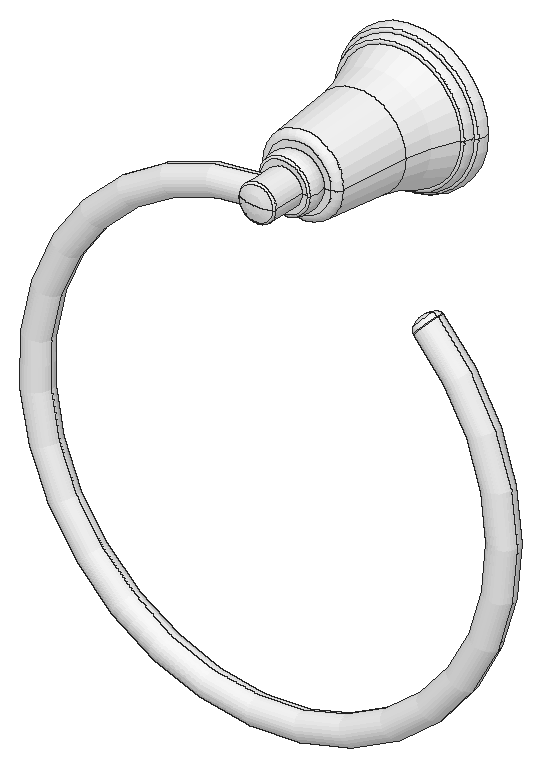
Revit family "Reece_Accessory_Posh_Canterbury_Towel Ring", category Plumbing Fixtures, Revit 2018
Family settings
  Round Connector Dimension = Use Diameter
  Part Type = Normal
  Work Plane-Based = Yes
  Always vertical = Yes
  Cut with Voids When Loaded = Yes
  Shared = Yes
  Room Calculation Point = Yes
Parameters (values of type "Chrome")
  URL = "https://www.reece.com.au/product/-9508448"
  Type Comments = "Accessory"
  Reece_Product_Web Page = "https://www.reece.com.au/product/-9508448"
  Reece_Product_Type = "Accessory"  # constant formula
  Reece_Product_Sub Brand = "Canterbury"  # constant formula
  Reece_Product_Number = "9508448"
  Reece_Product_Mount = "Wall Mounted"
  Reece_Product_Description = "Posh Canterbury Towel Ring Chrome"
  Reece_Product_Brand = "Posh"  # constant formula
  Reece_Overall_Width = 70 mm  # constant formula
  Reece_Overall_Length = 170 mm  # constant formula
  Reece_Overall_Height = 190 mm  # constant formula
  Reece_Material_Main = Reece_Brass_Chrome
  Reece_Height_From_Level [instance] = 500 mm
  Reece_Detail_Installation = "Wall Mounted"  # constant formula
  Reece_Detail_Disclaimer = "THIS FILE IS THE PROPERTY OF THE REECE GROUP. IT MAY NOT BE REPRODUCED, REVERSE-ENGINEERED OR MODIFIED. ANY REPUBLICATION, TRANSMISSION OR DISTRIBUTION FOR THE PURPOSE OF COMMERCIALLY EXPLOITING THE FILES IS PROHIBITED."  # constant formula
  Reece_Detail_Additional = "Towel Ring"  # constant formula
  Model = "Canterbury"
  Manufacturer = "Posh"
  Keynote = "Product #9508448, Reece_Accessory_Posh_Canterbury_Towel Ring - Chrome"
  Disclaimer = "THIS FILE IS THE PROPERTY OF THE REECE GROUP. IT MAY NOT BE REPRODUCED, REVERSE-ENGINEERED OR MODIFIED. ANY REPUBLICATION, TRANSMISSION OR DISTRIBUTION FOR THE PURPOSE OF COMMERCIALLY EXPLOITING THE FILES IS PROHIBITED."  # constant formula
  Description = "Posh Canterbury Towel Ring Chrome"
  Default Elevation = 0 mm
Types (3, lengths in mm): name | URL | Reece_Product_Web Page | Reece_Product_Number | Reece_Product_Description | Reece_Material_Main | Keynote | Description
  Chrome | "https://www.reece.com.au/product/-9508448" | "https://www.reece.com.au/product/-9508448" | "9508448" | "Posh Canterbury Towel Ring Chrome" | Reece_Brass_Chrome | "Product #9508448, Reece_Accessory_Posh_Canterbury_Towel Ring - Chrome" | "Posh Canterbury Towel Ring Chrome"
  Matte Black | "https://www.reece.com.au/product/-9509185" | "https://www.reece.com.au/product/-9509185" | "9509185" | "Posh Canterbury Towel Ring Matte Black" | Reece_Brass_Matte Black | "Product #9509185, Reece_Accessory_Posh_Canterbury_Towel Ring - Matte Black" | "Posh Canterbury Towel Ring Matte Black"
  Brass Gold | "https://www.reece.com.au/product/-9508449" | "https://www.reece.com.au/product/-9508449" | "9508449" | "Posh Canterbury Towel Ring Polished Brass Gold" | Reece_Brass_Gold | "Product #9508449, Reece_Accessory_Posh_Canterbury_Towel Ring - Brass Gold" | "Posh Canterbury Towel Ring Brass Gold"
Reference planes
  plane 1 "Center (Front/Back)": y = 0
  plane 2 "Bottom Host Plane": z = -5
  plane 3 "Center (Left/Right)": x = 0
  plane 4 "Height From Floor": z = 500
  plane 5: y = -67
  plane 6: y = -70
  plane 7: z = 525
  plane 8: x = -85
  plane 9: x = 85
  plane 10: z = 335
Forms (mm)
  Sweep 1, solid, material "Reece_Brass_Chrome" <- "Reece_Material_Main"
    path origin (-145.873, -62, 30.957) x (-0.959839, 0, 0.28055) y (0.28055, 0, 0.959839)
      loop
        arc (-68.499, 490.598) -> (-24.441, 329.605) -> (-5.352, 495.422) r 85
    profile origin (-29.943, -62, 340.467) x (0.352855, 0, 0.935678) y (0, 1, 0)
      loop
        circle (4.75, 0) r 4.75
  Revolve 2, solid, material "Reece_Brass_Chrome" <- "Reece_Material_Main"
    sketch origin (433.69, -62, 367.59) x (0.043026, 0, -0.999074) y (-0.999074, 0, -0.043026)
      loop
        line (-127.764, 374.238) -> (-129.736, 376.21)
        arc (-129.736, 376.21) -> (-130.953, 374.579) -> (-131.655, 372.669) r 7.071
        arc (-131.655, 372.669) -> (-131.616, 371.707) -> (-131.123, 370.879) r 1.96
        line (-131.123, 370.879) -> (-127.764, 374.238)
      axis (-127.764, 374.238) -> (-129.736, 376.21)
    angle from 0 to 360
  Revolve 3, solid, material "Reece_Brass_Chrome" <- "Reece_Material_Main"
    sketch origin (-8.4, 0, 500) x (-1, 0, 0) y (0, -1, 0)
      loop
        arc (16.345, 0) -> (16.222, 1.69) -> (15.654, 3.286) r 6.319
        arc (15.654, 3.286) -> (15.185, 3.751) -> (14.532, 3.853) r 1.071
        arc (14.532, 3.853) -> (14.348, 5.387) -> (13.64, 6.76) r 4.347
        arc (13.64, 6.76) -> (13.148, 7.102) -> (12.55, 7.098) r 0.989
        arc (12.55, 7.098) -> (9.155, 15.378) -> (7.287, 24.131) r 50.139
        arc (7.287, 24.131) -> (5.996, 35.886) -> (4.98, 47.668) r 508.618
        arc (4.98, 47.668) -> (4.177, 49.335) -> (2.455, 50.011) r 2.532
        line (2.455, 50.011) -> (0.005, 50.011)
        arc (0.005, 50.011) -> (0.806, 53.011) -> (0.238, 56.062) r 7.033
        arc (0.238, 56.062) -> (-0.039, 56.393) -> (-0.452, 56.516) r 0.751
        line (-0.452, 56.516) -> (-2.453, 56.516) -> (-2.453, 67.632)
        arc (-2.453, 67.632) -> (-2.577, 68.044) -> (-2.907, 68.32) r 0.75
        arc (-2.907, 68.32) -> (-5.721, 69.206) -> (-8.655, 69.505) r 14.545
        line (-8.655, 69.505) -> (-8.655, 0) -> (16.345, 0)
      axis (-8.655, 0) -> (-8.655, 69.505)
    angle from 0 to 360
Lines and regions (mm)
  model lines, style "InvisibleLines"
    curve 1: line (0, 0, -5) -> (0, 0, 500)
Text (mm)
  text "Reece ©" at (2668.853, -2395.367, 2952.593), in view "Reece Preview"
  text "Reece Copyright © 2018, Reece Ltd." at (-247.475, -190.626, 0), in view "Ref. Level"
Dimensions and locks
  plane 2 "Bottom Host Plane" to level = 5 mm
  locked: level to plane 2 "Bottom Host Plane" at 5
  "Reece_Height_From_Level": plane 4 "Height From Floor" to level
  locked: plane 7 to plane 4 "Height From Floor" at 25
  "Reece_Overall_Height": plane 7 to plane 10
  "Reece_Overall_Length": plane 8 to plane 9
  "Reece_Overall_Width": plane 1 "Center (Front/Back)" to plane 6
  equal spacing: plane 9, plane 3 "Center (Left/Right)", plane 8
  aligned and locked: plane 2 "Bottom Host Plane" to curve 1
  aligned and locked: plane 4 "Height From Floor" to curve 1
Automatic sketch dimensions
  plane 3 "Center (Left/Right)" to curve 1 = 0 mm
  plane 3 "Center (Left/Right)" to Sweep 1 sketch curve = 0.05 mm
  Sweep 1 sketch curve to plane 4 "Height From Floor" = 80 mm
  Sweep 1 sketch curve to Sweep 1 sketch curve = 37.583 mm
  Sweep 1 sketch curve to Sweep 1 sketch curve = 63.147 mm
  Sweep 1 sketch curve to Sweep 1 sketch curve = 76.24 mm
  Sweep 1 sketch curve to profile plane = 0 mm
  Sweep 1 sketch curve to profile plane = 4.75 mm
  Revolve 2 sketch curve to plane 4 "Height From Floor" = 17.366 mm
  plane 9 to Revolve 2 sketch curve = 27.488 mm
  Revolve 2 sketch curve to Revolve 2 sketch curve = 1.386 mm  (x2)
  Revolve 2 sketch curve to Revolve 2 sketch curve = 0.001 mm
  Revolve 2 sketch curve to Revolve 2 sketch curve = 1.972 mm
  Revolve 2 sketch curve to Revolve 2 sketch curve = 3.028 mm
  Revolve 2 sketch curve to Revolve 2 sketch curve = 0.331 mm
  Revolve 2 sketch curve to Revolve 2 sketch curve = 1.973 mm
  Revolve 2 sketch curve to Revolve 2 sketch curve = 0.998 mm  (x2)
  Revolve 2 sketch curve to Revolve 2 sketch curve = 0.507 mm  (x2)
  plane 1 "Center (Front/Back)" to Revolve 3 sketch curve = 0 mm
  plane 3 "Center (Left/Right)" to Revolve 3 sketch curve = 0.255 mm  (x2)
  Revolve 3 sketch curve to Revolve 3 sketch curve = 2.434 mm
  Revolve 3 sketch curve to plane 5 = 0.632 mm
  Revolve 3 sketch curve to plane 3 "Center (Left/Right)" = 5.197 mm
  Revolve 3 sketch curve to plane 3 "Center (Left/Right)" = 5.947 mm
  Revolve 3 sketch curve to plane 3 "Center (Left/Right)" = 7.948 mm
  Revolve 3 sketch curve to plane 3 "Center (Left/Right)" = 8.405 mm
  Revolve 3 sketch curve to plane 3 "Center (Left/Right)" = 10.855 mm
  plane 1 "Center (Front/Back)" to Revolve 3 sketch curve = 0.391 mm
  Revolve 3 sketch curve to plane 3 "Center (Left/Right)" = 18.438 mm
  Revolve 3 sketch curve to Revolve 3 sketch curve = 0.155 mm
  Revolve 3 sketch curve to Revolve 3 sketch curve = 2.662 mm
  Revolve 3 sketch curve to Revolve 3 sketch curve = 1.846 mm
  Revolve 3 sketch curve to Revolve 3 sketch curve = 1.643 mm
  plane 8 to Revolve 3 sketch curve = 19.541 mm
  Revolve 3 sketch curve to plane 6 = 15.501 mm
  Revolve 3 sketch curve to plane 8 = 435.588 mm
  plane 1 "Center (Front/Back)" to Revolve 3 sketch curve = 2.795 mm
  Revolve 3 sketch curve to Revolve 3 sketch curve = 3.721 mm
  Revolve 3 sketch curve to Revolve 3 sketch curve = 2.045 mm
  plane 1 "Center (Front/Back)" to Revolve 3 sketch curve = 30.18 mm
  plane 5 to Revolve 3 sketch curve = 19.521 mm
  Revolve 3 sketch curve to Revolve 3 sketch curve = 2.532 mm
  Revolve 3 sketch curve to Revolve 3 sketch curve = 3.269 mm
  Revolve 3 sketch curve to Revolve 3 sketch curve = 1.679 mm
  Revolve 3 sketch curve to Revolve 3 sketch curve = 5.754 mm
  Revolve 3 sketch curve to Revolve 3 sketch curve = 0.751 mm
  plane 6 to Revolve 3 sketch curve = 0.495 mm
  Revolve 3 sketch curve to Revolve 3 sketch curve = 0 mm  (x3)
  Revolve 3 sketch curve to Revolve 3 sketch curve = 0.306 mm
  Revolve 3 sketch curve to Revolve 3 sketch curve = 0.17 mm
  Revolve 3 sketch curve to plane 1 "Center (Front/Back)" = 12.283 mm
  Revolve 3 sketch curve to Revolve 3 sketch curve = 0.301 mm
  radius of Sweep 1 sketch curve = 4.75 mm
